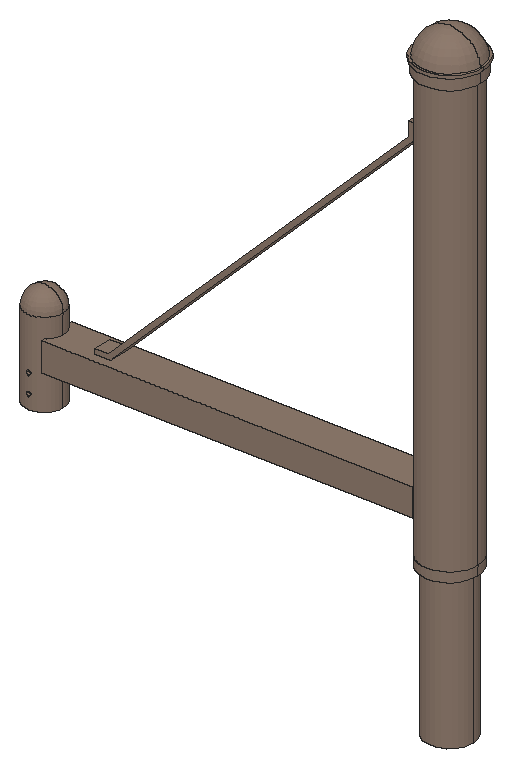
Revit family "PA321", category Generic Models, Revit 2014
Parameters
  TOP CAP = Bronze, Architectural
  TENON = Bronze, Architectural
  OUTLET = Bronze, Architectural
  BODY = Bronze, Architectural
  ARM = Bronze, Architectural
Reference planes (in)
  plane 1 "Center (Front/Back)": y = 0
  plane 2: z = 0
  plane 3 "Center (Left/Right)": x = 0
  plane 4: y = 0.5
  plane 5: y = -0.5
Forms (in)
  Revolve 1, solid, material "Bronze, Architectural" <- "TENON"
    sketch origin (0, 0, 0) x (1, 0, 0) y (0, 0, 1)
      loop
        line (-1.5, 6.5) -> (-1.5, 6) -> (-1.25, 6) -> (-1.25, -2) -> (0, -2) -> (0, 6.5) -> (-1.5, 6.5)
      axis (0, 6.5) -> (0, -2)
    angle from 0 to 360
  Revolve 2, solid, material "Bronze, Architectural" <- "OUTLET"
    sketch origin (0, 0, 0) x (1, 0, 0) y (0, 0, 1)
      loop
        arc (-21.4375, 11.75) -> (-22.14461, 11.45711) -> (-22.4375, 10.75) r 1
        line (-22.4375, 10.75) -> (-22.4375, 6.25) -> (-21.4375, 6.25) -> (-21.4375, 11.75)
      axis (-21.4375, 6.25) -> (-21.4375, 11.75)
    angle from 0 to 360
  Extrusion 3, solid, material "Bronze, Architectural" <- "ARM"
    sketch origin (0, 0, 0) x (1, 0, 0) y (0, 0, 1)
      loop
        line (-1.13063, 9.75) -> (-20.77606, 9.75) -> (-20.77606, 8.25) -> (-1.13063, 8.25) -> (-1.13063, 9.75)
    from -1 to 1
  Extrusion 4, solid, material "Bronze, Architectural" <- "ARM"
    sketch origin (0, 0, 0) x (1, 0, 0) y (0, 0, 1)
      loop
        line (-1.75, 26.60355) -> (-1.75, 25.85355) -> (-17.60355, 10) -> (-18.35355, 10) -> (-18.35355, 9.75) -> (-17.60355, 9.75)
        arc (-17.60355, 9.75) -> (-17.50788, 9.76903) -> (-17.42678, 9.82322) r 0.25
        line (-17.42678, 9.82322) -> (-1.57322, 25.67678)
        arc (-1.57322, 25.67678) -> (-1.51903, 25.75788) -> (-1.5, 25.85355) r 0.25
        line (-1.5, 25.85355) -> (-1.5, 26.60355) -> (-1.75, 26.60355)
    from -0.5 to 0.5
  Revolve 5, solid, material "Bronze, Architectural" <- "BODY"
    sketch origin (0, 0, 0) x (1, 0, 0) y (0, 0, 1)
      loop
        line (0, 29.75) -> (-1.5, 29.75) -> (-1.5, 6.5) -> (0, 6.5) -> (0, 29.75)
      axis (0, 6.5) -> (0, 29.75)
    angle from 0 to 360
  Revolve 6, solid, material "Bronze, Architectural" <- "TOP CAP"
    sketch origin (0, 0, 0) x (1, 0, 0) y (0, 0, 1)
      loop
        arc (0, 31.54688) -> (-1.0694, 31.15176) -> (-1.625, 30.15625) r 1.64475
        line (-1.625, 30.15625) -> (-1.76406, 30.15625) -> (-1.76406, 30) -> (-1.66406, 30) -> (-1.66406, 29.39062) -> (0, 29.39062) -> (0, 31.54688)
      axis (0, 31.54688) -> (0, 29.39062)
    angle from 0 to 360
  Revolve 7, void
    sketch origin (0, 0, 0) x (1, 0, 0) y (0, 0, 1)
      loop
        line (0, 6.5) -> (-0.875, 6.5) -> (-0.875, -2) -> (0, -2) -> (0, 6.5)
      axis (0, 6.5) -> (0, -2)
    angle from 0 to 360
  Revolve 8, void
    sketch origin (0, 0, 0) x (1, 0, 0) y (0, 0, 1)
      loop
        line (-21.4375, 10.75) -> (-22.3125, 10.75) -> (-22.3125, 6.25) -> (-21.4375, 6.25) -> (-21.4375, 10.75)
      axis (-21.4375, 10.75) -> (-21.4375, 6.25)
    angle from 0 to 360
  Extrusion 9, void
    sketch origin (0, 0, 0) x (1, 0, 0) y (0, 0, 1)
      loop
        circle (-21.4375, 7) r 0.125
      loop
        circle (-21.4375, 8) r 0.125
    from -1 to 1
Cuts and joins
  Revolve 7 cuts Revolve 1
  Revolve 7 cuts Revolve 5
  Revolve 8, Extrusion 9 cuts Revolve 2
  Revolve 8 cuts Extrusion 3
Dimensions and locks (in)
  aligned and locked: plane 2 to level
